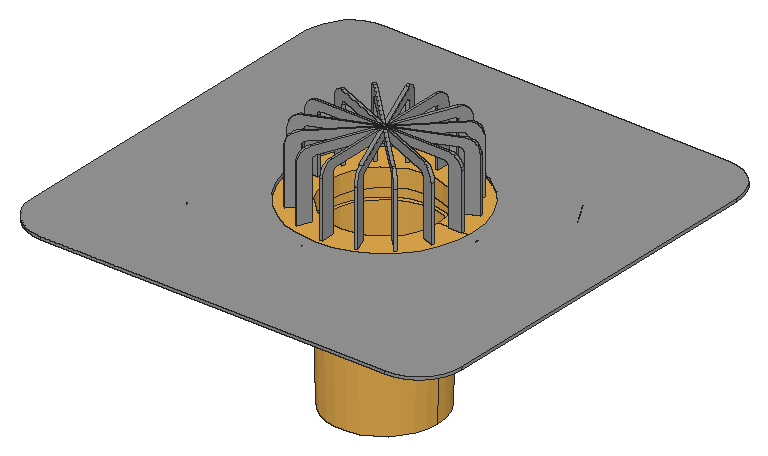
Revit family "TOPWET_Střešní vpust TW(E) 125 S", category Instalační zařizovací předměty, Revit 2016 (continued)
Definition of nested family "Perforovaný terasový nástavec TW TER P"
  Nested families
    nested 11: "Odvodňovací kroužek pro ochranný koš TW ODK" at (0, 0, -161), visible <- "VN2", type "Odvodňovací kroužek pro ochranný koš TW ODK"
      with Seříznutí 0 mm
    nested 12: "Odvodňovací kroužek pro ochranný koš TW ODK" at (0, 0, -194), visible <- "VN1", type "Odvodňovací kroužek pro ochranný koš TW ODK"
      with Seříznutí 0 mm
    nested 13: "Kroužek" at (0, 0, -102.7), visible <- "VK", type "Kroužek"
      with R 64.5 mm, D 129 mm
    nested 14: "Kroužek" at (0, 0, -112.35), visible <- "VK", type "Kroužek"
      with R 64.5 mm, D 129 mm
  Definition of nested family "Kroužek"
    Parameters (values of type "Kroužek")
      Manufacturer = ""
      URL = "⁫‌⁪‭⁡​‭​​​​​​​​​​​ ​​‍⁣⁢ ‎ ​⁤‭‎‎​‌​ ​⁣‌ ⁡‪​ ‪‭ ​⁢‎‎⁤‎‭‪‭‌​⁡‭ ‭‍ ⁡‬‭​⁣ ‌‪‭‍‍ ‍  ⁤‎⁢‎​‬‍ ‍ ‬⁤⁪‎⁪‪⁡⁢​⁣‬⁤‪⁡‎⁪⁢‬ ⁢‪⁪⁤⁡⁡‎​⁢ ‎‎‪‌⁢‎ ⁢‬‎⁣⁤⁤⁡‬‎‌⁪   ‭⁣‬⁡⁪‪‪‭⁣⁢‪​   ⁢⁣⁪‬⁣⁣‎ ⁢⁤‬‪  ⁪‬⁪‍​⁤ ‌⁪ ‭⁪⁣⁡ ‌  ‎‌‌⁡‌⁤⁣ ‍  ​  ‎⁣‍ ⁤‎⁢⁤⁡‭⁤‌⁣⁣‭‍⁤‪⁣  ⁢ ⁢   ‬‍‭ ‪⁢⁤⁢⁢​‎‍‍ ​‍‬  ‭⁣​‍‬ ⁪  ​‎⁢ ‭‍⁡‪ ⁢ ⁪  ‍   ‪⁤‬‌‍⁪ ⁣‬‪​‬⁤⁢​‌  ‬​ ​ ⁢​⁢​‭‪  ​‭  ‍⁣​‭‍  ‌⁡⁣‌  ​ ⁢‌   ‍‎ ⁤⁣‌‬‬‎ ⁣⁡‪ ⁪⁢‪​​​​​​⁫"
      R = D / 2  # 52 mm
      Description = ""
      Model = ""
      Type Comments = ""
      D = 104 mm
      Cost = 0
    Reference planes
      plane 1 "Střed (vpředu/vzadu)": y = 0
      plane 2: z = 0
      plane 3 "Střed (vlevo/vpravo)": x = 0
    Forms (mm)
      Revolve 1, solid, detail levels fine
        sketch origin (0, 0, 0) x (1, 0, 0) y (0, 0, 1)
          loop
            line (-52, 1.482) -> (-55.264, 0) -> (-52, -1.516) -> (-52, 1.482)
          axis (0, 1.482) -> (0, -1.516)
        angle from 0 to 360
    Dimensions and locks
      "R": Revolve 1 sketch curve to plane 3 "Střed (vlevo/vpravo)"
      aligned and locked: level to plane 2
      aligned and locked: Revolve 1 sketch curve to plane 3 "Střed (vlevo/vpravo)"
    Automatic sketch dimensions
      Revolve 1 sketch curve to level = 0 mm
      Revolve 1 sketch curve to Revolve 1 sketch curve = 3.264 mm
      Revolve 1 sketch curve to level = 1.516 mm
      level to Revolve 1 sketch curve = 1.482 mm
      Revolve 1 sketch curve to level = 381 mm
      Revolve 1 sketch curve to Revolve 1 sketch curve = 2212.833 mm
  Definition of nested family "Odvodňovací kroužek pro ochranný koš TW ODK"
    Parameters (values of type "Odvodňovací kroužek pro ochranný koš TW ODK")
      Manufacturer = "TOPWET"  # constant formula
      URL = "http://topwet.cz/produkty/269-odvodnovaci-krouzek"
      Seříznutí [instance] = 0 mm
      Description = "Příslušenství vpusti"
      OBJEDNACÍ KÓD [instance] = "TW ODK"
      OBJEDNACÍ KOMENTÁŘ [instance] = "TW ODK, Odvodňovací kroužek"
      Model = ""  # constant formula
      Type Comments = ""  # constant formula
      Keynote = "TW ODK"
      Cost = 0
      COPYRIGHT = "©TOPWET"  # constant formula
    Reference planes
      plane 1 "Střed (vpředu/vzadu)": y = 0
      plane 2: z = 0
      plane 3 "Střed (vlevo/vpravo)": x = 0
      plane 4: z = -33
      plane 5: z = -33
      plane 6: z = -33
    Forms (mm)
      Extrusion 1, solid, detail levels medium+fine
        sketch origin (0, 0, 0) x (1, 0, 0) y (0, 1, 0)
          loop
            circle (0, 0) r 64.5
          loop
            circle (0, 0) r 67.5
        from 15 to -18
      Sweep 2, void
        path origin (0, 0, 0) x (0.987688, 0.156434, 0) y (-0.156434, 0.987688, 0)
          loop
            line (0, -72.5) -> (0, 72.5)
        profile origin (0, 0, 0) x (-0.987688, -0.156434, 0) y (0, 0, 1)
          loop
            line (7.4, -18) -> (7.4, -4.2)
            arc (7.4, -4.2) -> (6.521, -2.079) -> (4.4, -1.2) r 3
            line (4.4, -1.2) -> (-4.4, -1.2)
            arc (-4.4, -1.2) -> (-6.521, -2.079) -> (-7.4, -4.2) r 3
            line (-7.4, -4.2) -> (-7.4, -18) -> (7.4, -18)
      Sweep 3, void
        path origin (0, 0, 0) x (0.891007, 0.45399, 0) y (-0.45399, 0.891007, 0)
          loop
            line (0, -72.5) -> (0, 72.5)
        profile origin (0, 0, 0) x (-0.891007, -0.45399, 0) y (0, 0, 1)
          loop
            line (7.4, -18) -> (7.4, -4.2)
            arc (7.4, -4.2) -> (6.521, -2.079) -> (4.4, -1.2) r 3
            line (4.4, -1.2) -> (-4.4, -1.2)
            arc (-4.4, -1.2) -> (-6.521, -2.079) -> (-7.4, -4.2) r 3
            line (-7.4, -4.2) -> (-7.4, -18) -> (7.4, -18)
      Sweep 4, void
        path origin (0, 0, 0) x (0.707107, 0.707107, 0) y (-0.707107, 0.707107, 0)
          loop
            line (0, -72.5) -> (0, 72.5)
        profile origin (0, 0, 0) x (-0.707107, -0.707107, 0) y (0, 0, 1)
          loop
            line (7.4, -18) -> (7.4, -4.2)
            arc (7.4, -4.2) -> (6.521, -2.079) -> (4.4, -1.2) r 3
            line (4.4, -1.2) -> (-4.4, -1.2)
            arc (-4.4, -1.2) -> (-6.521, -2.079) -> (-7.4, -4.2) r 3
            line (-7.4, -4.2) -> (-7.4, -18) -> (7.4, -18)
      Sweep 5, void
        path origin (0, 0, 0) x (0.45399, 0.891007, 0) y (-0.891007, 0.45399, 0)
          loop
            line (0, -72.5) -> (0, 72.5)
        profile origin (0, 0, 0) x (-0.45399, -0.891007, 0) y (0, 0, 1)
          loop
            line (7.4, -18) -> (7.4, -4.2)
            arc (7.4, -4.2) -> (6.521, -2.079) -> (4.4, -1.2) r 3
            line (4.4, -1.2) -> (-4.4, -1.2)
            arc (-4.4, -1.2) -> (-6.521, -2.079) -> (-7.4, -4.2) r 3
            line (-7.4, -4.2) -> (-7.4, -18) -> (7.4, -18)
      Sweep 6, void
        path origin (0, 0, 0) x (0.156434, 0.987688, 0) y (-0.987688, 0.156434, 0)
          loop
            line (0, -72.5) -> (0, 72.5)
        profile origin (0, 0, 0) x (-0.156434, -0.987688, 0) y (0, 0, 1)
          loop
            line (7.4, -18) -> (7.4, -4.2)
            arc (7.4, -4.2) -> (6.521, -2.079) -> (4.4, -1.2) r 3
            line (4.4, -1.2) -> (-4.4, -1.2)
            arc (-4.4, -1.2) -> (-6.521, -2.079) -> (-7.4, -4.2) r 3
            line (-7.4, -4.2) -> (-7.4, -18) -> (7.4, -18)
      Sweep 7, void
        path origin (0, 0, 0) x (-0.987688, 0.156434, 0) y (0.156434, 0.987688, 0)
          loop
            line (0, -72.5) -> (0, 72.5)
        profile origin (0, 0, 0) x (-0.987688, 0.156434, 0) y (0, 0, 1)
          loop
            line (-7.4, -18) -> (7.4, -18) -> (7.4, -4.2)
            arc (7.4, -4.2) -> (6.521, -2.079) -> (4.4, -1.2) r 3
            line (4.4, -1.2) -> (-4.4, -1.2)
            arc (-4.4, -1.2) -> (-6.521, -2.079) -> (-7.4, -4.2) r 3
            line (-7.4, -4.2) -> (-7.4, -18)
      Sweep 8, void
        path origin (0, 0, 0) x (-0.891007, 0.45399, 0) y (0.45399, 0.891007, 0)
          loop
            line (0, -72.5) -> (0, 72.5)
        profile origin (0, 0, 0) x (-0.891007, 0.45399, 0) y (0, 0, 1)
          loop
            line (-7.4, -18) -> (7.4, -18) -> (7.4, -4.2)
            arc (7.4, -4.2) -> (6.521, -2.079) -> (4.4, -1.2) r 3
            line (4.4, -1.2) -> (-4.4, -1.2)
            arc (-4.4, -1.2) -> (-6.521, -2.079) -> (-7.4, -4.2) r 3
            line (-7.4, -4.2) -> (-7.4, -18)
      Sweep 9, void
        path origin (0, 0, 0) x (-0.707107, 0.707107, 0) y (0.707107, 0.707107, 0)
          loop
            line (0, -72.5) -> (0, 72.5)
        profile origin (0, 0, 0) x (-0.707107, 0.707107, 0) y (0, 0, 1)
          loop
            line (-7.4, -18) -> (7.4, -18) -> (7.4, -4.2)
            arc (7.4, -4.2) -> (6.521, -2.079) -> (4.4, -1.2) r 3
            line (4.4, -1.2) -> (-4.4, -1.2)
            arc (-4.4, -1.2) -> (-6.521, -2.079) -> (-7.4, -4.2) r 3
            line (-7.4, -4.2) -> (-7.4, -18)
      Sweep 10, void
        path origin (0, 0, 0) x (-0.45399, 0.891007, 0) y (0.891007, 0.45399, 0)
          loop
            line (0, -72.5) -> (0, 72.5)
        profile origin (0, 0, 0) x (-0.45399, 0.891007, 0) y (0, 0, 1)
          loop
            line (-7.4, -18) -> (7.4, -18) -> (7.4, -4.2)
            arc (7.4, -4.2) -> (6.521, -2.079) -> (4.4, -1.2) r 3
            line (4.4, -1.2) -> (-4.4, -1.2)
            arc (-4.4, -1.2) -> (-6.521, -2.079) -> (-7.4, -4.2) r 3
            line (-7.4, -4.2) -> (-7.4, -18)
      Sweep 11, void
        path origin (0, 0, 0) x (-0.156434, 0.987688, 0) y (0.987688, 0.156434, 0)
          loop
            line (0, -72.5) -> (0, 72.5)
        profile origin (0, 0, 0) x (-0.156434, 0.987688, 0) y (0, 0, 1)
          loop
            line (-7.4, -18) -> (7.4, -18) -> (7.4, -4.2)
            arc (7.4, -4.2) -> (6.521, -2.079) -> (4.4, -1.2) r 3
            line (4.4, -1.2) -> (-4.4, -1.2)
            arc (-4.4, -1.2) -> (-6.521, -2.079) -> (-7.4, -4.2) r 3
            line (-7.4, -4.2) -> (-7.4, -18)
      Extrusion 12, solid, detail levels medium+fine
        sketch origin (0, 0, 0) x (1, 0, 0) y (0, 1, 0)
          loop
            circle (0, 0) r 60
          loop
            circle (0, 0) r 64.5
        from -18 to -33
      Extrusion 13, void
        sketch origin (0, -60, -33) x (0, 1, 0) y (-1, 0, 0)
          loop
            circle (60, 0) r 70
        from -10 to 0 <- "Seříznutí"
    Cuts and joins
      Sweep 2, Sweep 3, Sweep 4, Sweep 5, Sweep 6, Sweep 7, Sweep 8, Sweep 9, Sweep 10, Sweep 11, Extrusion 13 cuts Extrusion 1
      Extrusion 13 cuts Extrusion 12
    Dimensions and locks
      "Seříznutí": plane 5 to plane 4
      locked: plane 6 to plane 5 at 0
      aligned and locked: level to plane 2
    Automatic sketch dimensions
      Extrusion 1 sketch curve to Extrusion 1 sketch curve = 0 mm  (x2)
      plane 1 "Střed (vpředu/vzadu)" to Extrusion 1 sketch curve = 0 mm
      Extrusion 1 sketch curve to plane 3 "Střed (vlevo/vpravo)" = 0 mm
      Sweep 2 sketch curve to plane 3 "Střed (vlevo/vpravo)" = 11.341 mm
      Sweep 2 sketch curve to plane 1 "Střed (vpředu/vzadu)" = 71.607 mm
      Sweep 2 sketch curve to Sweep 2 sketch curve = 145 mm
      profile plane to Sweep 2 sketch curve = 7.4 mm
      Sweep 2 sketch curve to level = 1.2 mm
      Sweep 2 sketch curve to Sweep 2 sketch curve = 3 mm
      Sweep 2 sketch curve to profile plane = 4.4 mm
      Sweep 2 sketch curve to profile plane = 7.4 mm
      Sweep 2 sketch curve to Sweep 2 sketch curve = 13.8 mm
      Sweep 3 sketch curve to plane 3 "Střed (vlevo/vpravo)" = 32.914 mm
      Sweep 3 sketch curve to plane 1 "Střed (vpředu/vzadu)" = 64.598 mm
      Sweep 3 sketch curve to Sweep 3 sketch curve = 145 mm
      profile plane to Sweep 3 sketch curve = 7.4 mm
      Sweep 3 sketch curve to level = 1.2 mm
      Sweep 3 sketch curve to Sweep 3 sketch curve = 3 mm
      Sweep 3 sketch curve to profile plane = 4.4 mm
      Sweep 3 sketch curve to profile plane = 7.4 mm
      Sweep 3 sketch curve to Sweep 3 sketch curve = 13.8 mm
      Sweep 4 sketch curve to plane 1 "Střed (vpředu/vzadu)" = 51.265 mm
      Sweep 4 sketch curve to plane 3 "Střed (vlevo/vpravo)" = 51.265 mm
      Sweep 4 sketch curve to Sweep 4 sketch curve = 145 mm
      profile plane to Sweep 4 sketch curve = 7.4 mm
      Sweep 4 sketch curve to level = 1.2 mm
      Sweep 4 sketch curve to Sweep 4 sketch curve = 3 mm
      Sweep 4 sketch curve to profile plane = 4.4 mm
      Sweep 4 sketch curve to profile plane = 7.4 mm
      Sweep 4 sketch curve to Sweep 4 sketch curve = 13.8 mm
      Sweep 5 sketch curve to plane 1 "Střed (vpředu/vzadu)" = 32.914 mm
      Sweep 5 sketch curve to plane 3 "Střed (vlevo/vpravo)" = 64.598 mm
      Sweep 5 sketch curve to Sweep 5 sketch curve = 145 mm
      profile plane to Sweep 5 sketch curve = 7.4 mm
      Sweep 5 sketch curve to level = 1.2 mm
      Sweep 5 sketch curve to Sweep 5 sketch curve = 3 mm
      Sweep 5 sketch curve to profile plane = 4.4 mm
      Sweep 5 sketch curve to profile plane = 7.4 mm
      Sweep 5 sketch curve to Sweep 5 sketch curve = 13.8 mm
      Sweep 6 sketch curve to plane 1 "Střed (vpředu/vzadu)" = 11.341 mm
      Sweep 6 sketch curve to plane 3 "Střed (vlevo/vpravo)" = 71.607 mm
      Sweep 6 sketch curve to Sweep 6 sketch curve = 145 mm
      profile plane to Sweep 6 sketch curve = 7.4 mm
      Sweep 6 sketch curve to level = 1.2 mm
      Sweep 6 sketch curve to Sweep 6 sketch curve = 3 mm
      Sweep 6 sketch curve to profile plane = 4.4 mm
      Sweep 6 sketch curve to profile plane = 7.4 mm
      Sweep 6 sketch curve to Sweep 6 sketch curve = 13.8 mm
      Sweep 7 sketch curve to plane 3 "Střed (vlevo/vpravo)" = 11.341 mm
      plane 1 "Střed (vpředu/vzadu)" to Sweep 7 sketch curve = 71.607 mm
      Sweep 7 sketch curve to Sweep 7 sketch curve = 145 mm
      profile plane to Sweep 7 sketch curve = 7.4 mm
      Sweep 7 sketch curve to level = 1.2 mm
      Sweep 7 sketch curve to Sweep 7 sketch curve = 3 mm
      Sweep 7 sketch curve to profile plane = 4.4 mm
      Sweep 7 sketch curve to profile plane = 7.4 mm
      Sweep 7 sketch curve to Sweep 7 sketch curve = 13.8 mm
      Sweep 8 sketch curve to plane 3 "Střed (vlevo/vpravo)" = 32.914 mm
      plane 1 "Střed (vpředu/vzadu)" to Sweep 8 sketch curve = 64.598 mm
      Sweep 8 sketch curve to Sweep 8 sketch curve = 145 mm
      profile plane to Sweep 8 sketch curve = 7.4 mm
      Sweep 8 sketch curve to level = 1.2 mm
      Sweep 8 sketch curve to Sweep 8 sketch curve = 3 mm
      Sweep 8 sketch curve to profile plane = 4.4 mm
      Sweep 8 sketch curve to profile plane = 7.4 mm
      Sweep 8 sketch curve to Sweep 8 sketch curve = 13.8 mm
      plane 1 "Střed (vpředu/vzadu)" to Sweep 9 sketch curve = 51.265 mm
      Sweep 9 sketch curve to plane 3 "Střed (vlevo/vpravo)" = 51.265 mm
      Sweep 9 sketch curve to Sweep 9 sketch curve = 145 mm
      profile plane to Sweep 9 sketch curve = 7.4 mm
      Sweep 9 sketch curve to level = 1.2 mm
      Sweep 9 sketch curve to Sweep 9 sketch curve = 3 mm
      Sweep 9 sketch curve to profile plane = 4.4 mm
      Sweep 9 sketch curve to profile plane = 7.4 mm
      Sweep 9 sketch curve to Sweep 9 sketch curve = 13.8 mm
      plane 1 "Střed (vpředu/vzadu)" to Sweep 10 sketch curve = 32.914 mm
      Sweep 10 sketch curve to plane 3 "Střed (vlevo/vpravo)" = 64.598 mm
      Sweep 10 sketch curve to Sweep 10 sketch curve = 145 mm
      profile plane to Sweep 10 sketch curve = 7.4 mm
      Sweep 10 sketch curve to level = 1.2 mm
      Sweep 10 sketch curve to Sweep 10 sketch curve = 3 mm
      Sweep 10 sketch curve to profile plane = 4.4 mm
      Sweep 10 sketch curve to profile plane = 7.4 mm
      Sweep 10 sketch curve to Sweep 10 sketch curve = 13.8 mm
      plane 1 "Střed (vpředu/vzadu)" to Sweep 11 sketch curve = 11.341 mm
      Sweep 11 sketch curve to plane 3 "Střed (vlevo/vpravo)" = 71.607 mm
      Sweep 11 sketch curve to Sweep 11 sketch curve = 145 mm
      profile plane to Sweep 11 sketch curve = 7.4 mm
      Sweep 11 sketch curve to level = 1.2 mm
      Sweep 11 sketch curve to Sweep 11 sketch curve = 3 mm
      Sweep 11 sketch curve to profile plane = 4.4 mm
      Sweep 11 sketch curve to profile plane = 7.4 mm
      Sweep 11 sketch curve to Sweep 11 sketch curve = 13.8 mm
      Extrusion 12 sketch curve to Extrusion 12 sketch curve = 0 mm  (x2)
      plane 1 "Střed (vpředu/vzadu)" to Extrusion 12 sketch curve = 0 mm
      Extrusion 12 sketch curve to plane 3 "Střed (vlevo/vpravo)" = 0 mm
      plane 1 "Střed (vpředu/vzadu)" to Extrusion 13 sketch curve = 0 mm
      Extrusion 13 sketch curve to plane 3 "Střed (vlevo/vpravo)" = 0 mm
      radius of Extrusion 1 sketch curve = 64.5 mm
      radius of Extrusion 1 sketch curve = 67.5 mm
      radius of Extrusion 12 sketch curve = 60 mm
      radius of Extrusion 12 sketch curve = 64.5 mm
      radius of Extrusion 13 sketch curve = 70 mm
Definition of nested family "Plochý ochranný koš TW PLK"
  Parameters (values of type "Plochý ochranný koš TW PLK")
    Manufacturer = "TOPWET"  # constant formula
    URL = "http://www.topwet.cz/produkty/268-plochy-pochozi-ochranny-kos"
    Type Image = element 872689
    Description = "Příslušenství vpusti"
    OBJEDNACÍ KÓD [instance] = "TW PLK"
    Model = "viz OBJEDNACÍ KÓD"
    Type Comments = "Plochý pochozí ochranný koš TOPWET určený pro provozní typy střech, teras a balkónů. Provedení ze silnostěnného polyamidu PA6 UV Stabil. Výška nad úroveň hydroizolace 10 mm."
    Keynote = ""
    Cost = 0
    COPYRIGHT = "©TOPWET"  # constant formula
  Reference planes
    plane 1 "Střed (vpředu/vzadu)": y = 0
    plane 2: z = 0
    plane 3 "Střed (vlevo/vpravo)": x = 0
    plane 4: z = -3
  Forms (mm)
    Revolve 1, solid, detail levels medium+fine
      sketch origin (0, 0, 0) x (1, 0, 0) y (0, 0, 1)
        loop
          line (0, 0) -> (60, 0) -> (60, -15) -> (64.5, -15) -> (64.5, 0) -> (68, 0) -> (68, 2.899)
          arc (68, 2.899) -> (67.639, 4.326) -> (66.643, 5.41) r 3
          arc (66.643, 5.41) -> (58.557, 8.832) -> (49.854, 10) r 32.995
          line (49.854, 10) -> (0, 10) -> (0, 0)
        axis (0, -15) -> (0, 10)
      angle from 0 to 360
    Extrusion 2, void
      sketch origin (-139.84, -1524, -133) x (-1, 0, 0) y (0, -1, 0)
        loop
          line (-129.297, -1529.188) -> (-83.675, -1562.334)
          arc (-83.675, -1562.334) -> (-75.168, -1545.013) -> (-71.87, -1526) r 68
          line (-71.87, -1526) -> (-128.262, -1526)
          arc (-128.262, -1526) -> (-128.665, -1527.631) -> (-129.297, -1529.188) r 11.75
        loop
          line (-86.026, -1565.57) -> (-131.649, -1532.424)
          arc (-131.649, -1532.424) -> (-132.934, -1533.506) -> (-134.36, -1534.394) r 11.75
          line (-134.36, -1534.394) -> (-116.934, -1588.026)
          arc (-116.934, -1588.026) -> (-99.871, -1579.013) -> (-86.026, -1565.57) r 68
        loop
          arc (-158.942, -1589.262) -> (-139.84, -1592) -> (-120.738, -1589.262) r 68
          line (-120.738, -1589.262) -> (-138.164, -1535.63)
          arc (-138.164, -1535.63) -> (-139.84, -1535.75) -> (-141.516, -1535.63) r 11.75
          line (-141.516, -1535.63) -> (-158.942, -1589.262)
        loop
          arc (-145.32, -1534.394) -> (-146.747, -1533.506) -> (-148.032, -1532.424) r 11.75
          line (-148.032, -1532.424) -> (-193.654, -1565.57)
          arc (-193.654, -1565.57) -> (-179.81, -1579.013) -> (-162.746, -1588.026) r 68
          line (-162.746, -1588.026) -> (-145.32, -1534.394)
        loop
          arc (-150.383, -1529.188) -> (-151.015, -1527.631) -> (-151.419, -1526) r 11.75
          line (-151.419, -1526) -> (-207.811, -1526)
          arc (-207.811, -1526) -> (-204.512, -1545.013) -> (-196.005, -1562.334) r 68
          line (-196.005, -1562.334) -> (-150.383, -1529.188)
        loop
          line (-150.383, -1518.812) -> (-196.005, -1485.666)
          arc (-196.005, -1485.666) -> (-204.512, -1502.987) -> (-207.811, -1522) r 68
          line (-207.811, -1522) -> (-151.419, -1522)
          arc (-151.419, -1522) -> (-151.015, -1520.369) -> (-150.383, -1518.812) r 11.75
        loop
          line (-193.654, -1482.43) -> (-148.032, -1515.576)
          arc (-148.032, -1515.576) -> (-146.747, -1514.494) -> (-145.32, -1513.606) r 11.75
          line (-145.32, -1513.606) -> (-162.746, -1459.974)
          arc (-162.746, -1459.974) -> (-179.81, -1468.987) -> (-193.654, -1482.43) r 68
        loop
          arc (-120.738, -1458.738) -> (-139.84, -1456) -> (-158.942, -1458.738) r 68
          line (-158.942, -1458.738) -> (-141.516, -1512.37)
          arc (-141.516, -1512.37) -> (-139.84, -1512.25) -> (-138.164, -1512.37) r 11.75
          line (-138.164, -1512.37) -> (-120.738, -1458.738)
        loop
          line (-116.934, -1459.974) -> (-134.36, -1513.606)
          arc (-134.36, -1513.606) -> (-132.934, -1514.494) -> (-131.649, -1515.576) r 11.75
          line (-131.649, -1515.576) -> (-86.026, -1482.43)
          arc (-86.026, -1482.43) -> (-99.871, -1468.987) -> (-116.934, -1459.974) r 68
        loop
          line (-83.675, -1485.666) -> (-129.297, -1518.812)
          arc (-129.297, -1518.812) -> (-128.665, -1520.369) -> (-128.262, -1522) r 11.75
          line (-128.262, -1522) -> (-71.87, -1522)
          arc (-71.87, -1522) -> (-75.168, -1502.987) -> (-83.675, -1485.666) r 68
      from 133 to 143.788
  Cuts and joins
    Extrusion 2 cuts Revolve 1
  Dimensions and locks
    aligned and locked: level to plane 2
Definition of nested family "Šachta pro zelené střechy"
  Parameters (values of type "TWZ 400x400")
    Výška_Minimální = 43 mm  # constant formula
    Výška_Maximální = 2036 mm  # constant formula
    Výška [instance] = 336 mm
    Type Image = element 912559
    SN [instance] = (Počet lamel) * 100 mm - (Výška - 36 mm)  # 0 mm
    S1 [instance] = if(Výška < 136 mm, 136 mm - Výška, 0 mm)  # 0 mm
    Počet lamel [instance] = roundup((Výška - 36 mm) / 100 mm)  # 3
    Manufacturer = "TOPWET"  # constant formula
    URL = "http://www.topwet.cz/produkty/92-sachta-pro-zelene-strechy-vyska-na-zakazku"
    Description = "Příslušenství vpusti"
    PP [instance] = if(Počet lamel - 1 < 2, 2, Počet lamel - 1)  # 2
    P = K = 390 mm  # yes
    ON [instance] = -Výška + 100 mm - SN  # -236 mm
    OBJEDNACÍ KÓD [instance] = size_lookup(Lookup Table Name 2, "", "NOT SPECIFIED", H)  # "TWZ 400x400x330"
    O1 = -36 mm  # constant formula
    Model = "viz OBJEDNACÍ KÓD"
    Lookup Table Name 2 = "TWZ 400x400_typy"
    Lookup Table Name = "TWZ 400x400_komentáře"
    Lamela = Lamela 380x380 : Lamela 380x380
    LAP [instance] = Počet lamel > 2  # yes
    LAN [instance] = Počet lamel > 1  # yes
    LA1 [instance] = or(not(Výška > 136 mm), Počet lamel = 2)  # no
    Kontrola [instance] = not(or(Výška > Výška_Maximální, Výška < Výška_Minimální))  # yes
    Type Comments = "Šachta pro zelené střechy, výška na zakázku dle mocnosti vegetačního souvrství, včetně plastové krycí mřížky"
    Keynote = ""
    KO [instance] = if(Kontrola, -43 mm, 0 mm)  # -43 mm
    K = 390 mm
    H [instance] = Počet lamel * 100 mm + 30 mm  # 330 mm
    Cost = 0
    COPYRIGHT = "©TOPWET"  # constant formula
  Types (2, lengths in mm): name | Type Image | P | OBJEDNACÍ KÓD | Lookup Table Name 2 | Lookup Table Name | Lamela | K
    TWZ 300x300 | element 912557 | no | "TWZ 300x300x330" | "TWZ 300x300_typy" | "TWZ 300x300_komentáře" | Lamela 280x280 : Lamela 280x280 | 290
    TWZ 400x400 | element 912559 | yes | "TWZ 400x400x330" | "TWZ 400x400_typy" | "TWZ 400x400_komentáře" | Lamela 380x380 : Lamela 380x380 | 390
  Reference planes
    plane 1 "Střed (vpředu/vzadu)": y = 0
    plane 2: z = 0
    plane 3 "Střed (vlevo/vpravo)": x = 0
    plane 4 "Výška": z = -336
  Forms (mm)
    Extrusion 1, solid, detail levels medium+fine
      sketch origin (0, 0, 0) x (1, 0, 0) y (0, 1, 0)
        loop
          line (-195, 195) -> (-195, -195) -> (195, -195) -> (195, 195) -> (-195, 195)
        loop
          line (-191, 191) -> (-191, -191) -> (191, -191) -> (191, 191) -> (-191, 191)
      from 0 to -43 <- "KO"
    Extrusion 2, solid, detail levels medium+fine
      sketch origin (0, 0, 0) x (1, 0, 0) y (0, 1, 0)
        loop
          line (-213, 213) -> (-213, -213) -> (213, -213) -> (213, 213) -> (-213, 213)
        loop
          line (-191, 191) -> (-191, -191) -> (191, -191) -> (191, 191) -> (-191, 191)
      from -43 to -40
    Extrusion 3, solid, detail levels medium+fine
      sketch origin (0, 0, 0) x (1, 0, 0) y (0, 1, 0)
        loop
          line (-195, -195) -> (195, -195) -> (195, 195) -> (-195, 195) -> (-195, -195)
      from -4 to 0
  Cuts and joins
    joined: Extrusion 1, Extrusion 2
  Lines and regions (mm)
    model lines, not visible, detail levels fine
      curve 1: circle (0, 0, 43) r 10 normal (0, 0, 1)
      curve 2: line (-15, 23.5, 43) -> (15, 23.5, 43)
      curve 3: line (-15, 38.5, 43) -> (15, 38.5, 43)
      curve 4: line (-15, 53.5, 43) -> (15, 53.5, 43)
      curve 5: line (-15, 68.5, 43) -> (15, 68.5, 43)
      curve 6: line (-15, 83.5, 43) -> (15, 83.5, 43)
      curve 7: line (-15, 98.5, 43) -> (15, 98.5, 43)
      curve 8: line (-15, 113.5, 43) -> (15, 113.5, 43)
      curve 9: line (-15, 128.5, 43) -> (15, 128.5, 43)
      curve 16: line (-26, 128.5, 43) -> (-64, 128.5, 43)
      curve 17: line (-26, 113.5, 43) -> (-64, 113.5, 43)
      curve 18: line (-26, 98.5, 43) -> (-64, 98.5, 43)
      curve 19: line (-26, 83.5, 43) -> (-64, 83.5, 43)
      curve 20: line (-26, 68.5, 43) -> (-62.843, 68.5, 43)
      curve 21: line (-26, 53.5, 43) -> (-47.843, 53.5, 43)
      curve 22: line (-75, 98.5, 43) -> (-92.843, 98.5, 43)
      curve 23: line (-75, 113.5, 43) -> (-107.843, 113.5, 43)
      curve 24: line (-75, 128.5, 43) -> (-113, 128.5, 43)
      curve 34: line (-128.5, 26, 43) -> (-128.5, 64, 43)
      curve 35: line (-113.5, 26, 43) -> (-113.5, 64, 43)
      curve 36: line (-98.5, 26, 43) -> (-98.5, 64, 43)
      curve 37: line (-83.5, 26, 43) -> (-83.5, 64, 43)
      curve 38: line (-68.5, 26, 43) -> (-68.5, 62.843, 43)
      curve 39: line (-53.5, 26, 43) -> (-53.5, 47.843, 43)
      curve 40: line (-98.5, 75, 43) -> (-98.5, 92.843, 43)
      curve 41: line (-113.5, 75, 43) -> (-113.5, 107.843, 43)
      curve 42: line (-128.5, 75, 43) -> (-128.5, 113, 43)
      curve 49: line (-23.5, 15, 43) -> (-23.5, -15, 43)
      curve 50: line (-38.5, 15, 43) -> (-38.5, -15, 43)
      curve 51: line (-53.5, 15, 43) -> (-53.5, -15, 43)
      curve 52: line (-68.5, 15, 43) -> (-68.5, -15, 43)
      curve 53: line (-83.5, 15, 43) -> (-83.5, -15, 43)
      curve 54: line (-98.5, 15, 43) -> (-98.5, -15, 43)
      curve 55: line (-113.5, 15, 43) -> (-113.5, -15, 43)
      curve 56: line (-128.5, 15, 43) -> (-128.5, -15, 43)
      curve 63: line (26, 128.5, 43) -> (64, 128.5, 43)
      curve 64: line (26, 113.5, 43) -> (64, 113.5, 43)
      curve 65: line (26, 98.5, 43) -> (64, 98.5, 43)
      curve 66: line (26, 83.5, 43) -> (64, 83.5, 43)
      curve 67: line (26, 68.5, 43) -> (62.843, 68.5, 43)
      curve 68: line (26, 53.5, 43) -> (47.843, 53.5, 43)
      curve 69: line (75, 98.5, 43) -> (92.843, 98.5, 43)
      curve 70: line (75, 113.5, 43) -> (107.843, 113.5, 43)
      curve 71: line (75, 128.5, 43) -> (113, 128.5, 43)
      curve 81: line (128.5, 26, 43) -> (128.5, 64, 43)
      curve 82: line (113.5, 26, 43) -> (113.5, 64, 43)
      curve 83: line (98.5, 26, 43) -> (98.5, 64, 43)
      curve 84: line (83.5, 26, 43) -> (83.5, 64, 43)
      curve 85: line (68.5, 26, 43) -> (68.5, 62.843, 43)
      curve 86: line (53.5, 26, 43) -> (53.5, 47.843, 43)
      curve 87: line (98.5, 75, 43) -> (98.5, 92.843, 43)
      curve 88: line (113.5, 75, 43) -> (113.5, 107.843, 43)
      curve 89: line (128.5, 75, 43) -> (128.5, 113, 43)
      curve 96: line (23.5, 15, 43) -> (23.5, -15, 43)
      curve 97: line (38.5, 15, 43) -> (38.5, -15, 43)
      curve 98: line (53.5, 15, 43) -> (53.5, -15, 43)
      curve 99: line (68.5, 15, 43) -> (68.5, -15, 43)
      curve 100: line (83.5, 15, 43) -> (83.5, -15, 43)
      curve 101: line (98.5, 15, 43) -> (98.5, -15, 43)
      curve 102: line (113.5, 15, 43) -> (113.5, -15, 43)
      curve 103: line (128.5, 15, 43) -> (128.5, -15, 43)
      curve 107: line (-15, -23.5, 43) -> (15, -23.5, 43)
      curve 108: line (-15, -38.5, 43) -> (15, -38.5, 43)
      curve 109: line (-15, -53.5, 43) -> (15, -53.5, 43)
      curve 110: line (-15, -68.5, 43) -> (15, -68.5, 43)
      curve 111: line (-15, -83.5, 43) -> (15, -83.5, 43)
      curve 112: line (-15, -98.5, 43) -> (15, -98.5, 43)
      curve 113: line (-15, -113.5, 43) -> (15, -113.5, 43)
      curve 114: line (-15, -128.5, 43) -> (15, -128.5, 43)
      curve 121: line (-26, -128.5, 43) -> (-64, -128.5, 43)
      curve 122: line (-26, -113.5, 43) -> (-64, -113.5, 43)
      curve 123: line (-26, -98.5, 43) -> (-64, -98.5, 43)
      curve 124: line (-26, -83.5, 43) -> (-64, -83.5, 43)
      curve 125: line (-26, -68.5, 43) -> (-62.843, -68.5, 43)
      curve 126: line (-26, -53.5, 43) -> (-47.843, -53.5, 43)
      curve 127: line (-75, -98.5, 43) -> (-92.843, -98.5, 43)
      curve 128: line (-75, -113.5, 43) -> (-107.843, -113.5, 43)
      curve 129: line (-75, -128.5, 43) -> (-113, -128.5, 43)
      curve 139: line (-128.5, -26, 43) -> (-128.5, -64, 43)
      curve 140: line (-113.5, -26, 43) -> (-113.5, -64, 43)
      curve 141: line (-98.5, -26, 43) -> (-98.5, -64, 43)
      curve 142: line (-83.5, -26, 43) -> (-83.5, -64, 43)
      curve 143: line (-68.5, -26, 43) -> (-68.5, -62.843, 43)
      curve 144: line (-53.5, -26, 43) -> (-53.5, -47.843, 43)
      curve 145: line (-98.5, -75, 43) -> (-98.5, -92.843, 43)
      curve 146: line (-113.5, -75, 43) -> (-113.5, -107.843, 43)
      curve 147: line (-128.5, -75, 43) -> (-128.5, -113, 43)
      curve 157: line (26, -128.5, 43) -> (64, -128.5, 43)
      curve 158: line (26, -113.5, 43) -> (64, -113.5, 43)
      curve 159: line (26, -98.5, 43) -> (64, -98.5, 43)
      curve 160: line (26, -83.5, 43) -> (64, -83.5, 43)
      curve 161: line (26, -68.5, 43) -> (62.843, -68.5, 43)
      curve 162: line (26, -53.5, 43) -> (47.843, -53.5, 43)
      curve 163: line (75, -98.5, 43) -> (92.843, -98.5, 43)
      curve 164: line (75, -113.5, 43) -> (107.843, -113.5, 43)
      curve 165: line (75, -128.5, 43) -> (113, -128.5, 43)
      curve 175: line (128.5, -26, 43) -> (128.5, -64, 43)
      curve 176: line (113.5, -26, 43) -> (113.5, -64, 43)
      curve 177: line (98.5, -26, 43) -> (98.5, -64, 43)
      curve 178: line (83.5, -26, 43) -> (83.5, -64, 43)
      curve 179: line (68.5, -26, 43) -> (68.5, -62.843, 43)
      curve 180: line (53.5, -26, 43) -> (53.5, -47.843, 43)
      curve 181: line (98.5, -75, 43) -> (98.5, -92.843, 43)
      curve 182: line (113.5, -75, 43) -> (113.5, -107.843, 43)
      curve 183: line (128.5, -75, 43) -> (128.5, -113, 43)
    model lines, visible <- "P", not visible, detail levels fine
      curve 10: line (-15, 143.5, 43) -> (15, 143.5, 43)
      curve 11: line (-15, 158.5, 43) -> (15, 158.5, 43)
      curve 12: line (-15, 173.5, 43) -> (15, 173.5, 43)
      curve 13: line (-26, 173.5, 43) -> (-64, 173.5, 43)
      curve 14: line (-26, 158.5, 43) -> (-64, 158.5, 43)
      curve 15: line (-26, 143.5, 43) -> (-64, 143.5, 43)
      curve 25: line (-75, 143.5, 43) -> (-113, 143.5, 43)
      curve 26: line (-75, 158.5, 43) -> (-113, 158.5, 43)
      curve 27: line (-124, 143.5, 43) -> (-137.843, 143.5, 43)
      curve 28: line (-124, 158.5, 43) -> (-152.843, 158.5, 43)
      curve 29: line (-124, 173.5, 43) -> (-167.753, 173.5, 43)
      curve 30: line (-113, 173.5, 43) -> (-75, 173.5, 43)
      curve 31: line (-173.5, 26, 43) -> (-173.5, 64, 43)
      curve 32: line (-158.5, 26, 43) -> (-158.5, 64, 43)
      curve 33: line (-143.5, 26, 43) -> (-143.5, 64, 43)
      curve 43: line (-143.5, 75, 43) -> (-143.5, 113, 43)
      curve 44: line (-158.5, 75, 43) -> (-158.5, 113, 43)
      curve 45: line (-143.5, 124, 43) -> (-143.5, 137.843, 43)
      curve 46: line (-158.5, 124, 43) -> (-158.5, 152.843, 43)
      curve 47: line (-173.5, 124, 43) -> (-173.5, 167.753, 43)
      curve 48: line (-173.5, 113, 43) -> (-173.5, 75, 43)
      curve 57: line (-143.5, 15, 43) -> (-143.5, -15, 43)
      curve 58: line (-158.5, 15, 43) -> (-158.5, -15, 43)
      curve 59: line (-173.5, 15, 43) -> (-173.5, -15, 43)
      curve 60: line (26, 173.5, 43) -> (64, 173.5, 43)
      curve 61: line (26, 158.5, 43) -> (64, 158.5, 43)
      curve 62: line (26, 143.5, 43) -> (64, 143.5, 43)
      curve 72: line (75, 143.5, 43) -> (113, 143.5, 43)
      curve 73: line (75, 158.5, 43) -> (113, 158.5, 43)
      curve 74: line (124, 143.5, 43) -> (137.843, 143.5, 43)
      curve 75: line (124, 158.5, 43) -> (152.843, 158.5, 43)
      curve 76: line (124, 173.5, 43) -> (167.753, 173.5, 43)
      curve 77: line (113, 173.5, 43) -> (75, 173.5, 43)
      curve 78: line (173.5, 26, 43) -> (173.5, 64, 43)
      curve 79: line (158.5, 26, 43) -> (158.5, 64, 43)
      curve 80: line (143.5, 26, 43) -> (143.5, 64, 43)
      curve 90: line (143.5, 75, 43) -> (143.5, 113, 43)
      curve 91: line (158.5, 75, 43) -> (158.5, 113, 43)
      curve 92: line (143.5, 124, 43) -> (143.5, 137.843, 43)
      curve 93: line (158.5, 124, 43) -> (158.5, 152.843, 43)
      curve 94: line (173.5, 124, 43) -> (173.5, 167.753, 43)
      curve 95: line (173.5, 113, 43) -> (173.5, 75, 43)
      curve 104: line (143.5, 15, 43) -> (143.5, -15, 43)
      curve 105: line (158.5, 15, 43) -> (158.5, -15, 43)
      curve 106: line (173.5, 15, 43) -> (173.5, -15, 43)
      curve 115: line (-15, -143.5, 43) -> (15, -143.5, 43)
      curve 116: line (-15, -158.5, 43) -> (15, -158.5, 43)
      curve 117: line (-15, -173.5, 43) -> (15, -173.5, 43)
      curve 118: line (-26, -173.5, 43) -> (-64, -173.5, 43)
      curve 119: line (-26, -158.5, 43) -> (-64, -158.5, 43)
      curve 120: line (-26, -143.5, 43) -> (-64, -143.5, 43)
      curve 130: line (-75, -143.5, 43) -> (-113, -143.5, 43)
      curve 131: line (-75, -158.5, 43) -> (-113, -158.5, 43)
      curve 132: line (-124, -143.5, 43) -> (-137.843, -143.5, 43)
      curve 133: line (-124, -158.5, 43) -> (-152.843, -158.5, 43)
      curve 134: line (-124, -173.5, 43) -> (-167.753, -173.5, 43)
      curve 135: line (-113, -173.5, 43) -> (-75, -173.5, 43)
      curve 136: line (-173.5, -26, 43) -> (-173.5, -64, 43)
      curve 137: line (-158.5, -26, 43) -> (-158.5, -64, 43)
      curve 138: line (-143.5, -26, 43) -> (-143.5, -64, 43)
      curve 148: line (-143.5, -75, 43) -> (-143.5, -113, 43)
      curve 149: line (-158.5, -75, 43) -> (-158.5, -113, 43)
      curve 150: line (-143.5, -124, 43) -> (-143.5, -137.843, 43)
      curve 151: line (-158.5, -124, 43) -> (-158.5, -152.843, 43)
      curve 152: line (-173.5, -124, 43) -> (-173.5, -167.753, 43)
      curve 153: line (-173.5, -113, 43) -> (-173.5, -75, 43)
      curve 154: line (26, -173.5, 43) -> (64, -173.5, 43)
      curve 155: line (26, -158.5, 43) -> (64, -158.5, 43)
      curve 156: line (26, -143.5, 43) -> (64, -143.5, 43)
      curve 166: line (75, -143.5, 43) -> (113, -143.5, 43)
      curve 167: line (75, -158.5, 43) -> (113, -158.5, 43)
      curve 168: line (124, -143.5, 43) -> (137.843, -143.5, 43)
      curve 169: line (124, -158.5, 43) -> (152.843, -158.5, 43)
      curve 170: line (124, -173.5, 43) -> (167.753, -173.5, 43)
      curve 171: line (113, -173.5, 43) -> (75, -173.5, 43)
      curve 172: line (173.5, -26, 43) -> (173.5, -64, 43)
      curve 173: line (158.5, -26, 43) -> (158.5, -64, 43)
      curve 174: line (143.5, -26, 43) -> (143.5, -64, 43)
      curve 184: line (143.5, -75, 43) -> (143.5, -113, 43)
      curve 185: line (158.5, -75, 43) -> (158.5, -113, 43)
      curve 186: line (143.5, -124, 43) -> (143.5, -137.843, 43)
      curve 187: line (158.5, -124, 43) -> (158.5, -152.843, 43)
      curve 188: line (173.5, -124, 43) -> (173.5, -167.753, 43)
      curve 189: line (173.5, -113, 43) -> (173.5, -75, 43)
    model lines, detail levels fine
      curve 190: circle (0, 0, 0) r 10 normal (0, 0, 1)
      curve 191: line (-15, 23.5, 0) -> (15, 23.5, 0)
      curve 192: line (-15, 38.5, 0) -> (15, 38.5, 0)
      curve 193: line (-15, 53.5, 0) -> (15, 53.5, 0)
      curve 194: line (-15, 68.5, 0) -> (15, 68.5, 0)
      curve 195: line (-15, 83.5, 0) -> (15, 83.5, 0)
      curve 196: line (-15, 98.5, 0) -> (15, 98.5, 0)
      curve 197: line (-15, 113.5, 0) -> (15, 113.5, 0)
      curve 198: line (-15, 128.5, 0) -> (15, 128.5, 0)
      curve 205: line (-26, 128.5, 0) -> (-64, 128.5, 0)
      curve 206: line (-26, 113.5, 0) -> (-64, 113.5, 0)
      curve 207: line (-26, 98.5, 0) -> (-64, 98.5, 0)
      curve 208: line (-26, 83.5, 0) -> (-64, 83.5, 0)
      curve 209: line (-26, 68.5, 0) -> (-62.843, 68.5, 0)
      curve 210: line (-26, 53.5, 0) -> (-47.843, 53.5, 0)
      curve 211: line (-75, 98.5, 0) -> (-92.843, 98.5, 0)
      curve 212: line (-75, 113.5, 0) -> (-107.843, 113.5, 0)
      curve 213: line (-75, 128.5, 0) -> (-113, 128.5, 0)
      curve 223: line (-128.5, 26, 0) -> (-128.5, 64, 0)
      curve 224: line (-113.5, 26, 0) -> (-113.5, 64, 0)
      curve 225: line (-98.5, 26, 0) -> (-98.5, 64, 0)
      curve 226: line (-83.5, 26, 0) -> (-83.5, 64, 0)
      curve 227: line (-68.5, 26, 0) -> (-68.5, 62.843, 0)
      curve 228: line (-53.5, 26, 0) -> (-53.5, 47.843, 0)
      curve 229: line (-98.5, 75, 0) -> (-98.5, 92.843, 0)
      curve 230: line (-113.5, 75, 0) -> (-113.5, 107.843, 0)
      curve 231: line (-128.5, 75, 0) -> (-128.5, 113, 0)
      curve 238: line (-23.5, 15, 0) -> (-23.5, -15, 0)
      curve 239: line (-38.5, 15, 0) -> (-38.5, -15, 0)
      curve 240: line (-53.5, 15, 0) -> (-53.5, -15, 0)
      curve 241: line (-68.5, 15, 0) -> (-68.5, -15, 0)
      curve 242: line (-83.5, 15, 0) -> (-83.5, -15, 0)
      curve 243: line (-98.5, 15, 0) -> (-98.5, -15, 0)
      curve 244: line (-113.5, 15, 0) -> (-113.5, -15, 0)
      curve 245: line (-128.5, 15, 0) -> (-128.5, -15, 0)
      curve 252: line (26, 128.5, 0) -> (64, 128.5, 0)
      curve 253: line (26, 113.5, 0) -> (64, 113.5, 0)
      curve 254: line (26, 98.5, 0) -> (64, 98.5, 0)
      curve 255: line (26, 83.5, 0) -> (64, 83.5, 0)
      curve 256: line (26, 68.5, 0) -> (62.843, 68.5, 0)
      curve 257: line (26, 53.5, 0) -> (47.843, 53.5, 0)
      curve 258: line (75, 98.5, 0) -> (92.843, 98.5, 0)
      curve 259: line (75, 113.5, 0) -> (107.843, 113.5, 0)
      curve 260: line (75, 128.5, 0) -> (113, 128.5, 0)
      curve 270: line (128.5, 26, 0) -> (128.5, 64, 0)
      curve 271: line (113.5, 26, 0) -> (113.5, 64, 0)
      curve 272: line (98.5, 26, 0) -> (98.5, 64, 0)
      curve 273: line (83.5, 26, 0) -> (83.5, 64, 0)
      curve 274: line (68.5, 26, 0) -> (68.5, 62.843, 0)
      curve 275: line (53.5, 26, 0) -> (53.5, 47.843, 0)
      curve 276: line (98.5, 75, 0) -> (98.5, 92.843, 0)
      curve 277: line (113.5, 75, 0) -> (113.5, 107.843, 0)
      curve 278: line (128.5, 75, 0) -> (128.5, 113, 0)
      curve 285: line (23.5, 15, 0) -> (23.5, -15, 0)
      curve 286: line (38.5, 15, 0) -> (38.5, -15, 0)
      curve 287: line (53.5, 15, 0) -> (53.5, -15, 0)
      curve 288: line (68.5, 15, 0) -> (68.5, -15, 0)
      curve 289: line (83.5, 15, 0) -> (83.5, -15, 0)
      curve 290: line (98.5, 15, 0) -> (98.5, -15, 0)
      curve 291: line (113.5, 15, 0) -> (113.5, -15, 0)
      curve 292: line (128.5, 15, 0) -> (128.5, -15, 0)
      curve 296: line (-15, -23.5, 0) -> (15, -23.5, 0)
      curve 297: line (-15, -38.5, 0) -> (15, -38.5, 0)
      curve 298: line (-15, -53.5, 0) -> (15, -53.5, 0)
      curve 299: line (-15, -68.5, 0) -> (15, -68.5, 0)
      curve 300: line (-15, -83.5, 0) -> (15, -83.5, 0)
      curve 301: line (-15, -98.5, 0) -> (15, -98.5, 0)
      curve 302: line (-15, -113.5, 0) -> (15, -113.5, 0)
      curve 303: line (-15, -128.5, 0) -> (15, -128.5, 0)
      curve 310: line (-26, -128.5, 0) -> (-64, -128.5, 0)
      curve 311: line (-26, -113.5, 0) -> (-64, -113.5, 0)
      curve 312: line (-26, -98.5, 0) -> (-64, -98.5, 0)
      curve 313: line (-26, -83.5, 0) -> (-64, -83.5, 0)
      curve 314: line (-26, -68.5, 0) -> (-62.843, -68.5, 0)
      curve 315: line (-26, -53.5, 0) -> (-47.843, -53.5, 0)
      curve 316: line (-75, -98.5, 0) -> (-92.843, -98.5, 0)
      curve 317: line (-75, -113.5, 0) -> (-107.843, -113.5, 0)
      curve 318: line (-75, -128.5, 0) -> (-113, -128.5, 0)
      curve 328: line (-128.5, -26, 0) -> (-128.5, -64, 0)
      curve 329: line (-113.5, -26, 0) -> (-113.5, -64, 0)
      curve 330: line (-98.5, -26, 0) -> (-98.5, -64, 0)
      curve 331: line (-83.5, -26, 0) -> (-83.5, -64, 0)
      curve 332: line (-68.5, -26, 0) -> (-68.5, -62.843, 0)
      curve 333: line (-53.5, -26, 0) -> (-53.5, -47.843, 0)
      curve 334: line (-98.5, -75, 0) -> (-98.5, -92.843, 0)
      curve 335: line (-113.5, -75, 0) -> (-113.5, -107.843, 0)
      curve 336: line (-128.5, -75, 0) -> (-128.5, -113, 0)
      curve 346: line (26, -128.5, 0) -> (64, -128.5, 0)
      curve 347: line (26, -113.5, 0) -> (64, -113.5, 0)
      curve 348: line (26, -98.5, 0) -> (64, -98.5, 0)
      curve 349: line (26, -83.5, 0) -> (64, -83.5, 0)
      curve 350: line (26, -68.5, 0) -> (62.843, -68.5, 0)
      curve 351: line (26, -53.5, 0) -> (47.843, -53.5, 0)
      curve 352: line (75, -98.5, 0) -> (92.843, -98.5, 0)
      curve 353: line (75, -113.5, 0) -> (107.843, -113.5, 0)
      curve 354: line (75, -128.5, 0) -> (113, -128.5, 0)
      curve 364: line (128.5, -26, 0) -> (128.5, -64, 0)
      curve 365: line (113.5, -26, 0) -> (113.5, -64, 0)
      curve 366: line (98.5, -26, 0) -> (98.5, -64, 0)
      curve 367: line (83.5, -26, 0) -> (83.5, -64, 0)
      curve 368: line (68.5, -26, 0) -> (68.5, -62.843, 0)
      curve 369: line (53.5, -26, 0) -> (53.5, -47.843, 0)
      curve 370: line (98.5, -75, 0) -> (98.5, -92.843, 0)
      curve 371: line (113.5, -75, 0) -> (113.5, -107.843, 0)
      curve 372: line (128.5, -75, 0) -> (128.5, -113, 0)
    model lines, visible <- "P", detail levels fine
      curve 199: line (-15, 143.5, 0) -> (15, 143.5, 0)
      curve 200: line (-15, 158.5, 0) -> (15, 158.5, 0)
      curve 201: line (-15, 173.5, 0) -> (15, 173.5, 0)
      curve 202: line (-26, 173.5, 0) -> (-64, 173.5, 0)
      curve 203: line (-26, 158.5, 0) -> (-64, 158.5, 0)
      curve 204: line (-26, 143.5, 0) -> (-64, 143.5, 0)
      curve 214: line (-75, 143.5, 0) -> (-113, 143.5, 0)
      curve 215: line (-75, 158.5, 0) -> (-113, 158.5, 0)
      curve 216: line (-124, 143.5, 0) -> (-137.843, 143.5, 0)
      curve 217: line (-124, 158.5, 0) -> (-152.843, 158.5, 0)
      curve 218: line (-124, 173.5, 0) -> (-167.753, 173.5, 0)
      curve 219: line (-113, 173.5, 0) -> (-75, 173.5, 0)
      curve 220: line (-173.5, 26, 0) -> (-173.5, 64, 0)
      curve 221: line (-158.5, 26, 0) -> (-158.5, 64, 0)
      curve 222: line (-143.5, 26, 0) -> (-143.5, 64, 0)
      curve 232: line (-143.5, 75, 0) -> (-143.5, 113, 0)
      curve 233: line (-158.5, 75, 0) -> (-158.5, 113, 0)
      curve 234: line (-143.5, 124, 0) -> (-143.5, 137.843, 0)
      curve 235: line (-158.5, 124, 0) -> (-158.5, 152.843, 0)
      curve 236: line (-173.5, 124, 0) -> (-173.5, 167.753, 0)
      curve 237: line (-173.5, 113, 0) -> (-173.5, 75, 0)
      curve 246: line (-143.5, 15, 0) -> (-143.5, -15, 0)
      curve 247: line (-158.5, 15, 0) -> (-158.5, -15, 0)
      curve 248: line (-173.5, 15, 0) -> (-173.5, -15, 0)
      curve 249: line (26, 173.5, 0) -> (64, 173.5, 0)
      curve 250: line (26, 158.5, 0) -> (64, 158.5, 0)
      curve 251: line (26, 143.5, 0) -> (64, 143.5, 0)
      curve 261: line (75, 143.5, 0) -> (113, 143.5, 0)
      curve 262: line (75, 158.5, 0) -> (113, 158.5, 0)
      curve 263: line (124, 143.5, 0) -> (137.843, 143.5, 0)
      curve 264: line (124, 158.5, 0) -> (152.843, 158.5, 0)
      curve 265: line (124, 173.5, 0) -> (167.753, 173.5, 0)
      curve 266: line (113, 173.5, 0) -> (75, 173.5, 0)
      curve 267: line (173.5, 26, 0) -> (173.5, 64, 0)
      curve 268: line (158.5, 26, 0) -> (158.5, 64, 0)
      curve 269: line (143.5, 26, 0) -> (143.5, 64, 0)
      curve 279: line (143.5, 75, 0) -> (143.5, 113, 0)
      curve 280: line (158.5, 75, 0) -> (158.5, 113, 0)
      curve 281: line (143.5, 124, 0) -> (143.5, 137.843, 0)
      curve 282: line (158.5, 124, 0) -> (158.5, 152.843, 0)
      curve 283: line (173.5, 124, 0) -> (173.5, 167.753, 0)
      curve 284: line (173.5, 113, 0) -> (173.5, 75, 0)
      curve 293: line (143.5, 15, 0) -> (143.5, -15, 0)
      curve 294: line (158.5, 15, 0) -> (158.5, -15, 0)
      curve 295: line (173.5, 15, 0) -> (173.5, -15, 0)
      curve 304: line (-15, -143.5, 0) -> (15, -143.5, 0)
      curve 305: line (-15, -158.5, 0) -> (15, -158.5, 0)
      curve 306: line (-15, -173.5, 0) -> (15, -173.5, 0)
      curve 307: line (-26, -173.5, 0) -> (-64, -173.5, 0)
      curve 308: line (-26, -158.5, 0) -> (-64, -158.5, 0)
      curve 309: line (-26, -143.5, 0) -> (-64, -143.5, 0)
      curve 319: line (-75, -143.5, 0) -> (-113, -143.5, 0)
      curve 320: line (-75, -158.5, 0) -> (-113, -158.5, 0)
      curve 321: line (-124, -143.5, 0) -> (-137.843, -143.5, 0)
      curve 322: line (-124, -158.5, 0) -> (-152.843, -158.5, 0)
      curve 323: line (-124, -173.5, 0) -> (-167.753, -173.5, 0)
      curve 324: line (-113, -173.5, 0) -> (-75, -173.5, 0)
      curve 325: line (-173.5, -26, 0) -> (-173.5, -64, 0)
      curve 326: line (-158.5, -26, 0) -> (-158.5, -64, 0)
      curve 327: line (-143.5, -26, 0) -> (-143.5, -64, 0)
      curve 337: line (-143.5, -75, 0) -> (-143.5, -113, 0)
      curve 338: line (-158.5, -75, 0) -> (-158.5, -113, 0)
      curve 339: line (-143.5, -124, 0) -> (-143.5, -137.843, 0)
      curve 340: line (-158.5, -124, 0) -> (-158.5, -152.843, 0)
      curve 341: line (-173.5, -124, 0) -> (-173.5, -167.753, 0)
      curve 342: line (-173.5, -113, 0) -> (-173.5, -75, 0)
      curve 343: line (26, -173.5, 0) -> (64, -173.5, 0)
      curve 344: line (26, -158.5, 0) -> (64, -158.5, 0)
      curve 345: line (26, -143.5, 0) -> (64, -143.5, 0)
      curve 355: line (75, -143.5, 0) -> (113, -143.5, 0)
      curve 356: line (75, -158.5, 0) -> (113, -158.5, 0)
      curve 357: line (124, -143.5, 0) -> (137.843, -143.5, 0)
      curve 358: line (124, -158.5, 0) -> (152.843, -158.5, 0)
      curve 359: line (124, -173.5, 0) -> (167.753, -173.5, 0)
      curve 360: line (113, -173.5, 0) -> (75, -173.5, 0)
      curve 361: line (173.5, -26, 0) -> (173.5, -64, 0)
      curve 362: line (158.5, -26, 0) -> (158.5, -64, 0)
      curve 363: line (143.5, -26, 0) -> (143.5, -64, 0)
      curve 373: line (143.5, -75, 0) -> (143.5, -113, 0)
      curve 374: line (158.5, -75, 0) -> (158.5, -113, 0)
      curve 375: line (143.5, -124, 0) -> (143.5, -137.843, 0)
      curve 376: line (158.5, -124, 0) -> (158.5, -152.843, 0)
      curve 377: line (173.5, -124, 0) -> (173.5, -167.753, 0)
      curve 378: line (173.5, -113, 0) -> (173.5, -75, 0)
    model lines
      curve 379: line (0, 0, 0) -> (0, 0, 100)
  Dimensions and locks
    equal spacing: Extrusion 3 sketch curve, plane 3 "Střed (vlevo/vpravo)", Extrusion 3 sketch curve
    "K": Extrusion 3 sketch curve to Extrusion 3 sketch curve  (x2)
    equal spacing: Extrusion 3 sketch curve, plane 1 "Střed (vpředu/vzadu)", Extrusion 3 sketch curve
    equal spacing: Extrusion 1 sketch curve, plane 3 "Střed (vlevo/vpravo)", Extrusion 1 sketch curve
    equal spacing: Extrusion 1 sketch curve, plane 1 "Střed (vpředu/vzadu)", Extrusion 1 sketch curve
    "K": Extrusion 1 sketch curve to Extrusion 1 sketch curve  (x2)
    locked: Extrusion 2 sketch curve to Extrusion 1 at 22  (x3)
    locked: Extrusion 1 to Extrusion 2 sketch curve at 22
    "Výška": plane 2 to plane 4 "Výška"
    group 3 to group 4 = 0 mm  (x2)
    group 4 to group 3 = 100 mm
    aligned and locked: level to plane 2
    aligned and locked: Extrusion 1 to Extrusion 2 sketch curve  (x3)
    aligned and locked: Extrusion 2 sketch curve to Extrusion 1
    aligned and locked: plane 3 "Střed (vlevo/vpravo)" to nested 1
    aligned and locked: plane 1 "Střed (vpředu/vzadu)" to nested 1
    aligned and locked: plane 3 "Střed (vlevo/vpravo)" to nested 2
    aligned and locked: plane 1 "Střed (vpředu/vzadu)" to nested 2
    aligned and locked: plane 3 "Střed (vlevo/vpravo)" to nested 3
    aligned and locked: plane 1 "Střed (vpředu/vzadu)" to nested 3
  Automatic sketch dimensions
    curve 379 to plane 3 "Střed (vlevo/vpravo)" = 0 mm
    curve 379 to level = 0 mm
    level to curve 379 = 100 mm
    Extrusion 1 sketch curve to Extrusion 1 sketch curve = 4 mm  (x4)
  Nested families
    nested 1: "Lamela 380x380" at (0, 0, -36), type <- "Lamela", visible <- "LA1", Seříznutí <- "S1", built-in parameter 1001364 <- "O1", type "Lamela 380x380"
    nested 2: "Lamela 380x380" at (0, 0, -236), built-in parameter 1001364 <- "ON", Seříznutí <- "SN", visible <- "LAN", type <- "Lamela", type "Lamela 380x380"
    nested 3: "Lamela 380x380" at (0, 0, -36), type <- "Lamela", visible <- "LAP", type "Lamela 380x380"
      with Seříznutí 0 mm, OBJEDNACÍ KÓD "", OBJEDNACÍ KOMENTÁŘ "Lamela šachty pro zelené střechy 280x280"
    nested 4: "Lamela 380x380" at (0, 0, -136), type <- "Lamela", visible <- "LAP", type "Lamela 380x380"
      with Seříznutí 0 mm, OBJEDNACÍ KÓD "", OBJEDNACÍ KOMENTÁŘ "Lamela šachty pro zelené střechy 280x280"
  Definition of nested family "Lamela 380x380"
    Parameters (values of type "Lamela 380x380")
      Šířka = 380 mm  # constant formula
      Manufacturer = "TOPWET"  # constant formula
      URL = "http://www.topwet.cz/produkty/92-sachta-pro-zelene-strechy-vyska-na-zakazku"
      Seříznutí [instance] = 0 mm
      Description = "Příslušenství vpusti"
      OBJEDNACÍ KÓD [instance] = ""
      OBJEDNACÍ KOMENTÁŘ [instance] = "Lamela šachty pro zelené střechy 380x380"
      Model = ""
      Type Comments = ""  # constant formula
      Cost = 0
      COPYRIGHT = "©TOPWET"  # constant formula
    Reference planes
      plane 1 "Střed (vpředu/vzadu)": y = 0
      plane 2: z = 0
      plane 3 "Střed (vlevo/vpravo)": x = 0
      plane 4: z = -100
      plane 5: z = -100
      plane 6: z = -100
    Forms (mm)
      Extrusion 1, solid, detail levels medium+fine
        sketch origin (0, 0, 0) x (1, 0, 0) y (0, 1, 0)
          loop
            line (-190, 190) -> (-190, -190) -> (190, -190) -> (190, 190) -> (-190, 190)
          loop
            line (-181, 181) -> (-181, -181) -> (181, -181) -> (181, 181) -> (-181, 181)
        from 0 to -100
      Extrusion 2, void, detail levels medium+fine
        sketch origin (0, 0, 0) x (1, 0, 0) y (0, 0, 1)
          loop
            line (-151, -100) -> (-79, -100) -> (-96, -83) -> (-134, -83) -> (-151, -100)
          loop
            line (-51, -100) -> (21, -100) -> (4, -83) -> (-34, -83) -> (-51, -100)
          loop
            line (49, -100) -> (181, -100) -> (181, -83) -> (66, -83) -> (49, -100)
          loop
            circle (-115, -38) r 12
          loop
            circle (-15, -38) r 12
          loop
            circle (35, -38) r 12
          loop
            circle (85, -38) r 12
          loop
            circle (135, -38) r 12
          loop
            line (181, -49.314) -> (181, -26.686)
            arc (181, -26.686) -> (173, -38) -> (181, -49.314) r 12
        from 181 to 190
      Extrusion 3, void, detail levels medium+fine
        sketch origin (0, 0, 0) x (0, 1, 0) y (0, 0, 1)
          loop
            line (-151, -100) -> (-79, -100) -> (-96, -83) -> (-134, -83) -> (-151, -100)
          loop
            line (-51, -100) -> (21, -100) -> (4, -83) -> (-34, -83) -> (-51, -100)
          loop
            line (49, -100) -> (181, -100) -> (181, -83) -> (66, -83) -> (49, -100)
          loop
            circle (-115, -38) r 12
          loop
            circle (-15, -38) r 12
          loop
            circle (35, -38) r 12
          loop
            circle (85, -38) r 12
          loop
            circle (135, -38) r 12
          loop
            line (181, -49.314) -> (181, -26.686)
            arc (181, -26.686) -> (173, -38) -> (181, -49.314) r 12
        from 181 to 190
      Extrusion 4, void, detail levels medium+fine
        sketch origin (0, 0, 0) x (0, 1, 0) y (0, 0, 1)
          loop
            line (151, -100) -> (134, -83) -> (96, -83) -> (79, -100) -> (151, -100)
          loop
            line (51, -100) -> (34, -83) -> (-4, -83) -> (-21, -100) -> (51, -100)
          loop
            line (-49, -100) -> (-66, -83) -> (-181, -83) -> (-181, -100) -> (-49, -100)
          loop
            circle (115, -38) r 12
          loop
            circle (15, -38) r 12
          loop
            circle (-35, -38) r 12
          loop
            circle (-85, -38) r 12
          loop
            circle (-135, -38) r 12
          loop
            arc (-181, -49.314) -> (-173, -38) -> (-181, -26.686) r 12
            line (-181, -26.686) -> (-181, -49.314)
        from -190 to -181
      Extrusion 5, void, detail levels medium+fine
        sketch origin (0, 0, 0) x (1, 0, 0) y (0, 0, 1)
          loop
            line (151, -100) -> (134, -83) -> (96, -83) -> (79, -100) -> (151, -100)
          loop
            line (51, -100) -> (34, -83) -> (-4, -83) -> (-21, -100) -> (51, -100)
          loop
            line (-49, -100) -> (-66, -83) -> (-181, -83) -> (-181, -100) -> (-49, -100)
          loop
            circle (115, -38) r 12
          loop
            circle (15, -38) r 12
          loop
            circle (-35, -38) r 12
          loop
            circle (-85, -38) r 12
          loop
            circle (-135, -38) r 12
          loop
            arc (-181, -49.314) -> (-173, -38) -> (-181, -26.686) r 12
            line (-181, -26.686) -> (-181, -49.314)
        from -190 to -181
      Extrusion 6, void, detail levels medium+fine
        sketch origin (190, -1524, -100) x (-1, 0, 0) y (0, -1, 0)
          loop
            line (380, -1714) -> (380, -1334) -> (0, -1334) -> (0, -1714) -> (380, -1714)
        from -10 to 0 <- "Seříznutí"
    Cuts and joins
      Extrusion 2, Extrusion 3, Extrusion 4, Extrusion 5, Extrusion 6 cuts Extrusion 1
    Dimensions and locks
      locked: Extrusion 1 sketch curve to Extrusion 1 sketch curve at 9  (x4)
      "Šířka": Extrusion 1 sketch curve to Extrusion 1 sketch curve  (x2)
      equal spacing: Extrusion 1 sketch curve, plane 1 "Střed (vpředu/vzadu)", Extrusion 1 sketch curve
      equal spacing: Extrusion 1 sketch curve, plane 3 "Střed (vlevo/vpravo)", Extrusion 1 sketch curve
      locked: plane 6 to plane 5
      "Seříznutí": plane 5 to plane 4
      aligned and locked: level to plane 2
    Automatic sketch dimensions
      plane 1 "Střed (vpředu/vzadu)" to Extrusion 4 sketch curve = 185 mm
      Extrusion 4 sketch curve to Extrusion 4 sketch curve = 4 mm  (x2)
      Extrusion 4 sketch curve to Extrusion 4 sketch curve = 46 mm
      Extrusion 4 sketch curve to Extrusion 4 sketch curve = 50 mm
      Extrusion 4 sketch curve to Extrusion 4 sketch curve = 19 mm  (x2)
      Extrusion 4 sketch curve to Extrusion 4 sketch curve = 17 mm  (x7)
      plane 1 "Střed (vpředu/vzadu)" to Extrusion 4 sketch curve = 35 mm
      plane 1 "Střed (vpředu/vzadu)" to Extrusion 4 sketch curve = 21 mm
      plane 1 "Střed (vpředu/vzadu)" to Extrusion 4 sketch curve = 4 mm
      Extrusion 4 sketch curve to plane 1 "Střed (vpředu/vzadu)" = 15 mm
      Extrusion 4 sketch curve to plane 1 "Střed (vpředu/vzadu)" = 34 mm
      Extrusion 4 sketch curve to Extrusion 4 sketch curve = 28 mm
      Extrusion 4 sketch curve to Extrusion 4 sketch curve = 38 mm
      Extrusion 4 sketch curve to level = 100 mm  (x2)
      Extrusion 4 sketch curve to Extrusion 4 sketch curve = 0 mm
      Extrusion 4 sketch curve to Extrusion 4 sketch curve = 33.686 mm
      Extrusion 4 sketch curve to Extrusion 4 sketch curve = 11.314 mm
      Extrusion 4 sketch curve to level = 38 mm  (x5)
      Extrusion 3 sketch curve to Extrusion 3 sketch curve = 17 mm  (x7)
      Extrusion 3 sketch curve to Extrusion 3 sketch curve = 38 mm
      plane 1 "Střed (vpředu/vzadu)" to Extrusion 3 sketch curve = 115 mm
      Extrusion 3 sketch curve to Extrusion 3 sketch curve = 28 mm  (x2)
      Extrusion 3 sketch curve to plane 1 "Střed (vpředu/vzadu)" = 4 mm
      plane 1 "Střed (vpředu/vzadu)" to Extrusion 3 sketch curve = 15 mm
